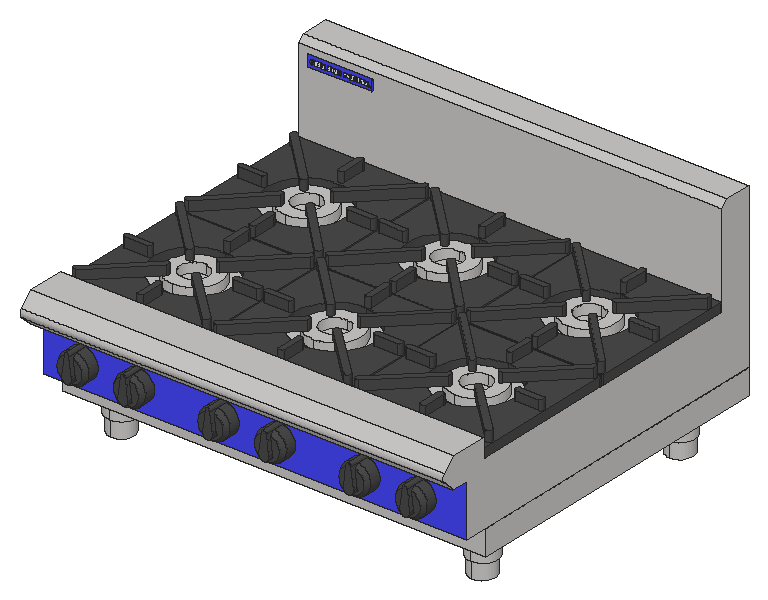
Revit family "QF_MOFFAT_BLUESEAL_CE_G516D-B", category Specialty Equipment, Revit 2012
Parameters
  Width = 900 mm  # constant formula
  Weight in Pounds = 283  # constant formula
  URL Cutsheet = "www.moffat.com"
  URL = "www.moffat.com"
  Type Mark [instance] = ""
  Status [instance] = ""
  Specification by User [instance] = ""
  Specification by Manufacturer = ""
  Show Logo [instance] = yes
  Serial Number = ""
  Seismic Rating = ""
  SMACNA No = ""
  Revision Code [instance] = ""
  Omniclass Number and Title = ""
  NAFEM Spec ID Number = ""
  Model = "G516D-B"
  Mechanical Remarks [instance] = ""
  Mechanical Connection Type [instance] = ""
  Masterspec = ""
  Manufacturer = "MOFFAT BLUESEAL"
  Item Number [instance] = ""
  Installed By [instance] = ""
  Identify Quantity as Lot [instance] = yes
  Height = 485 mm  # constant formula
  Gas Size = 3/4"
  Gas RI Height [instance] = 0 mm
  Gas KW [instance] = 46.6
  Gas Input [instance] = 159233.0 Btu/h
  Gas Connection Height = 0 mm
  Furnished By [instance] = ""
  Foodservice Equipment Identifier [instance] = yes
  Description = "900MM GAS COOK TOP BENCH MOUNT"
  Depth = 812 mm  # constant formula
  CSI MasterFormat = ""
  CSI Master Format = ""
Reference planes
  plane 1 "BACK": y = 0
  plane 2: z = 0
  plane 3 "LEFT": x = 0
  plane 4 "RIGHT": x = 900
  plane 5 "FRONT": y = -812
  plane 6 "TOP": z = 370
  plane 7 "Center Y": x = 450
  plane 8 "Center X": y = -406
  plane 9: z = 485
  plane 10: z = 315
Forms (mm)
  Revolve 1, solid, material "QF_Finishes_Stainless Steel"
    sketch origin (65.5, -728, 0) x (0, 1, 0) y (0, 0, 1)
      loop
        line (71.25, 85) -> (71.25, 35) -> (75.5, 35) -> (75.5, 0) -> (103, 0) -> (103, 85) -> (71.25, 85)
      axis (103, 85) -> (103, 0)
    angle from 0 to 360
  Revolve 2, solid, material "QF_Finishes_Stainless Steel"
    sketch origin (65.5, -210, 0) x (0, 1, 0) y (0, 0, 1)
      loop
        line (78.25, 85) -> (78.25, 35) -> (82.5, 35) -> (82.5, 0) -> (110, 0) -> (110, 85) -> (78.25, 85)
      axis (110, 85) -> (110, 0)
    angle from 0 to 360
  Extrusion 3, solid, material "QF_Finishes_Stainless Steel"
    sketch origin (405, 3, -500) x (1, 0, 0) y (0, 1, 0)
      loop
        circle (365, -35) r 13.5
    from 555 to 585
  Revolve 4, solid, material "QF_Finishes_Black"
    sketch origin (89.999, 7, -0.127) x (0, 1, 0) y (0, 0, -1)
      loop
        line (-789, -229.5) -> (-766, -229.5) -> (-766, -202) -> (-756, -202) -> (-756, -197) -> (-800, -197) -> (-800, -223.651) -> (-789, -229.5)
      axis (-800, -197) -> (-756, -197)
    angle from 0 to 360
  Extrusion 5, solid, material "QF_Finishes_Black"
    sketch origin (228.269, 7, 0.031) x (-1, 0, 0) y (0, 0, -1)
      loop
        line (127.85, -186.163) -> (133.27, -229.082)
        arc (133.27, -229.082) -> (138.269, -233.969) -> (143.267, -229.082) r 5
        line (143.267, -229.082) -> (148.756, -184.996)
        arc (148.756, -184.996) -> (137.684, -174.498) -> (127.85, -186.163) r 10.487
    from 759 to 808
  Extrusion 6, solid, material "QF_Finishes_Stainless Steel"
    sketch origin (0, 0, 0) x (0, 1, 0) y (0, 0, 1)
      loop
        line (-784.97, 250) -> (-749, 250) -> (-749, 140) -> (0, 140) -> (0, 485) -> (-57.5, 485) -> (-70, 472.5) -> (-70, 275) -> (-705, 275) -> (-705, 315) -> (-783.97, 315) -> (-808.498, 290.472)
        arc (-808.498, 290.472) -> (-812.007, 282) -> (-808.498, 273.528) r 11.982
        line (-808.498, 273.528) -> (-784.97, 250)
      loop
        line (0, 85) -> (0, 139.206) -> (-699, 139.206) -> (-699, 85) -> (0, 85)
    from 0 to 900
  Revolve 7, solid, material "QF_Finishes_Black"
    sketch origin (390, 7, -0.127) x (0, 1, 0) y (0, 0, -1)
      loop
        line (-789, -229.5) -> (-766, -229.5) -> (-766, -202) -> (-756, -202) -> (-756, -197) -> (-800, -197) -> (-800, -223.651) -> (-789, -229.5)
      axis (-800, -197) -> (-756, -197)
    angle from 0 to 360
  Revolve 8, solid, material "QF_Finishes_Stainless Steel"
    sketch origin (834.5, -728, 0) x (0, 1, 0) y (0, 0, -1)
      loop
        line (71.25, -85) -> (103, -85) -> (103, 0) -> (75.5, 0) -> (75.5, -35) -> (71.25, -35) -> (71.25, -85)
      axis (103, -85) -> (103, 0)
    angle from 0 to 360
  Revolve 9, solid, material "QF_Finishes_Stainless Steel"
    sketch origin (834.5, -210, 0) x (0, 1, 0) y (0, 0, -1)
      loop
        line (78.25, -85) -> (110, -85) -> (110, 0) -> (82.5, 0) -> (82.5, -35) -> (78.25, -35) -> (78.25, -85)
      axis (110, -85) -> (110, 0)
    angle from 0 to 360
  Extrusion 10, solid, material "QF_Finishes_Black"
    sketch origin (528.269, 7, 0.031) x (-1, 0, 0) y (0, 0, -1)
      loop
        line (127.85, -186.163) -> (133.27, -229.082)
        arc (133.27, -229.082) -> (138.269, -233.969) -> (143.267, -229.082) r 5
        line (143.267, -229.082) -> (148.756, -184.996)
        arc (148.756, -184.996) -> (137.684, -174.498) -> (127.85, -186.163) r 10.487
    from 759 to 808
  Revolve 11, solid, material "QF_Finishes_Black"
    sketch origin (690, 7, 0) x (0, 1, 0) y (0, 0, -1)
      loop
        line (-789, -229.5) -> (-766, -229.5) -> (-766, -202) -> (-756, -202) -> (-756, -197) -> (-800, -197) -> (-800, -223.651) -> (-789, -229.5)
      axis (-800, -197) -> (-756, -197)
    angle from 0 to 360
  Extrusion 12, solid, material "QF_Finishes_Black"
    sketch origin (828.27, 7, 0.158) x (-1, 0, 0) y (0, 0, -1)
      loop
        line (127.85, -186.163) -> (133.27, -229.082)
        arc (133.27, -229.082) -> (138.269, -233.969) -> (143.267, -229.082) r 5
        line (143.267, -229.082) -> (148.756, -184.996)
        arc (148.756, -184.996) -> (137.684, -174.498) -> (127.85, -186.163) r 10.487
    from 759 to 808
  Revolve 13, solid, material "QF_Finishes_Black"
    sketch origin (210, 7, 0) x (0, 1, 0) y (0, 0, -1)
      loop
        line (-789, -229.5) -> (-766, -229.5) -> (-766, -202) -> (-756, -202) -> (-756, -197) -> (-800, -197) -> (-800, -223.651) -> (-789, -229.5)
      axis (-800, -197) -> (-756, -197)
    angle from 0 to 360
  Extrusion 14, solid, material "QF_Finishes_Black"
    sketch origin (348.27, 7, 0.158) x (-1, 0, 0) y (0, 0, -1)
      loop
        line (127.85, -186.163) -> (133.27, -229.082)
        arc (133.27, -229.082) -> (138.269, -233.969) -> (143.267, -229.082) r 5
        line (143.267, -229.082) -> (148.756, -184.996)
        arc (148.756, -184.996) -> (137.684, -174.498) -> (127.85, -186.163) r 10.487
    from 759 to 808
  Revolve 15, solid, material "QF_Finishes_Black"
    sketch origin (510.001, 7, 0) x (0, 1, 0) y (0, 0, -1)
      loop
        line (-789, -229.5) -> (-766, -229.5) -> (-766, -202) -> (-756, -202) -> (-756, -197) -> (-800, -197) -> (-800, -223.651) -> (-789, -229.5)
      axis (-800, -197) -> (-756, -197)
    angle from 0 to 360
  Extrusion 16, solid, material "QF_Finishes_Black"
    sketch origin (648.27, 7, 0.158) x (-1, 0, 0) y (0, 0, -1)
      loop
        line (127.85, -186.163) -> (133.27, -229.082)
        arc (133.27, -229.082) -> (138.269, -233.969) -> (143.267, -229.082) r 5
        line (143.267, -229.082) -> (148.756, -184.996)
        arc (148.756, -184.996) -> (137.684, -174.498) -> (127.85, -186.163) r 10.487
    from 759 to 808
  Revolve 17, solid, material "QF_Finishes_Black"
    sketch origin (810.001, 7, 0.127) x (0, 1, 0) y (0, 0, -1)
      loop
        line (-789, -229.5) -> (-766, -229.5) -> (-766, -202) -> (-756, -202) -> (-756, -197) -> (-800, -197) -> (-800, -223.651) -> (-789, -229.5)
      axis (-800, -197) -> (-756, -197)
    angle from 0 to 360
  Extrusion 18, solid, material "QF_Finishes_Black"
    sketch origin (948.27, 7, 0.284) x (-1, 0, 0) y (0, 0, -1)
      loop
        line (127.85, -186.163) -> (133.27, -229.082)
        arc (133.27, -229.082) -> (138.269, -233.969) -> (143.267, -229.082) r 5
        line (143.267, -229.082) -> (148.756, -184.996)
        arc (148.756, -184.996) -> (137.684, -174.498) -> (127.85, -186.163) r 10.487
    from 759 to 808
Lines and regions (mm)
  Split face 1
    outline origin (0, 0, 485) x (0, -1, 0) y (1, 0, 0)
      loop
        arc (18.185, 32.794) -> (23.185, 24.134) -> (33.185, 24.134) r 10
        line (33.185, 24.134) -> (40.185, 28.176)
        arc (40.185, 28.176) -> (43.845, 31.836) -> (45.185, 36.836) r 10
        line (45.185, 36.836) -> (45.185, 264.794)
        arc (45.185, 264.794) -> (40.185, 273.455) -> (30.185, 273.455) r 10
        line (30.185, 273.455) -> (23.185, 269.413)
        arc (23.185, 269.413) -> (19.525, 265.753) -> (18.185, 260.753) r 10
        line (18.185, 260.753) -> (18.185, 32.794)
  Split face 2
    outline origin (0, 0, 485) x (0, -1, 0) y (1, 0, 0)
      loop
        arc (18.185, 332.794) -> (23.185, 324.134) -> (33.185, 324.134) r 10
        line (33.185, 324.134) -> (40.185, 328.176)
        arc (40.185, 328.176) -> (43.845, 331.836) -> (45.185, 336.836) r 10
        line (45.185, 336.836) -> (45.185, 564.794)
        arc (45.185, 564.794) -> (40.185, 573.455) -> (30.185, 573.455) r 10
        line (30.185, 573.455) -> (23.185, 569.413)
        arc (23.185, 569.413) -> (19.525, 565.753) -> (18.185, 560.753) r 10
        line (18.185, 560.753) -> (18.185, 332.794)
  Split face 3
    outline origin (0, 0, 485) x (0, -1, 0) y (1, 0, 0)
      loop
        arc (45.185, 864.794) -> (40.185, 873.455) -> (30.185, 873.455) r 10
        line (30.185, 873.455) -> (23.185, 869.413)
        arc (23.185, 869.413) -> (19.525, 865.753) -> (18.185, 860.753) r 10
        line (18.185, 860.753) -> (18.185, 632.794)
        arc (18.185, 632.794) -> (23.185, 624.134) -> (33.185, 624.134) r 10
        line (33.185, 624.134) -> (40.185, 628.176)
        arc (40.185, 628.176) -> (43.845, 631.836) -> (45.185, 636.836) r 10
        line (45.185, 636.836) -> (45.185, 864.794)
  symbolic lines
    curve 1: line (0, 0, 0) -> (0, -812, 0)
    curve 2: line (900, 0, 0) -> (0, 0, 0)
    curve 3: line (900, -812, 0) -> (900, 0, 0)
    curve 4: line (0, -70, 0) -> (900, -70, 0)
    curve 5: line (0, -812, 0) -> (900, -812, 0)
    curve 6: line (900, -705, 0) -> (0, -705, 0)
    curve 7: line (0, -783.97, 0) -> (900, -783.97, 0)
    curve 8: line (36.836, -45.185, 0) -> (264.794, -45.185, 0)
    curve 9: arc (264.794, -45.185, 0) -> (273.455, -40.185, 0) -> (273.455, -30.185, 0) r 10
    curve 10: line (273.455, -30.185, 0) -> (269.413, -23.185, 0)
    curve 11: arc (269.413, -23.185, 0) -> (265.753, -19.525, 0) -> (260.753, -18.185, 0) r 10
    curve 12: line (260.753, -18.185, 0) -> (32.794, -18.185, 0)
    curve 13: arc (32.794, -18.185, 0) -> (24.134, -23.185, 0) -> (24.134, -33.185, 0) r 10
    curve 14: line (24.134, -33.185, 0) -> (28.176, -40.185, 0)
    curve 15: arc (28.176, -40.185, 0) -> (31.836, -43.845, 0) -> (36.836, -45.185, 0) r 10
    curve 16: line (336.836, -45.185, 0) -> (564.794, -45.185, 0)
    curve 17: arc (564.794, -45.185, 0) -> (573.455, -40.185, 0) -> (573.455, -30.185, 0) r 10
    curve 18: line (573.455, -30.185, 0) -> (569.413, -23.185, 0)
    curve 19: arc (569.413, -23.185, 0) -> (565.753, -19.525, 0) -> (560.753, -18.185, 0) r 10
    curve 20: line (560.753, -18.185, 0) -> (332.794, -18.185, 0)
    curve 21: arc (332.794, -18.185, 0) -> (324.134, -23.185, 0) -> (324.134, -33.185, 0) r 10
    curve 22: line (324.134, -33.185, 0) -> (328.176, -40.185, 0)
    curve 23: arc (328.176, -40.185, 0) -> (331.836, -43.845, 0) -> (336.836, -45.185, 0) r 10
    curve 24: line (864.794, -45.185, 0) -> (636.836, -45.185, 0)
    curve 25: arc (636.836, -45.185, 0) -> (631.836, -43.845, 0) -> (628.176, -40.185, 0) r 10
    curve 26: line (628.176, -40.185, 0) -> (624.134, -33.185, 0)
    curve 27: arc (624.134, -33.185, 0) -> (624.134, -23.185, 0) -> (632.794, -18.185, 0) r 10
    curve 28: line (632.794, -18.185, 0) -> (860.753, -18.185, 0)
    curve 29: arc (860.753, -18.185, 0) -> (865.753, -19.525, 0) -> (869.413, -23.185, 0) r 10
    curve 30: line (869.413, -23.185, 0) -> (873.455, -30.185, 0)
    curve 31: arc (873.455, -30.185, 0) -> (873.455, -40.185, 0) -> (864.794, -45.185, 0) r 10
    curve 32: line (0, -57.5, 0) -> (900, -57.5, 0)
Dimensions and locks
  equal spacing: plane 3 "LEFT", plane 7 "Center Y", plane 4 "RIGHT"
  "Width": plane 3 "LEFT" to plane 4 "RIGHT"
  equal spacing: plane 5 "FRONT", plane 8 "Center X", plane 1 "BACK"
  "Depth": plane 5 "FRONT" to plane 1 "BACK"
  equal spacing: plane 4 "RIGHT", plane 7 "Center Y", plane 3 "LEFT"
  plane 4 "RIGHT" to plane 3 "LEFT" = 900 mm
  Extrusion 3 to level = 55 mm
  Extrusion 3 to plane 1 "BACK" = 32 mm
  plane 5 "FRONT" to plane 1 "BACK" = 812 mm
  "Height": plane 9 to level
  plane 10 to level = 315 mm
  Extrusion 3 sketch curve to plane 4 "RIGHT" = 130 mm
  Extrusion 3 sketch curve to plane 1 "BACK" = 32 mm
  aligned and locked: level to plane 2
  aligned and locked: curve 3 to plane 4 "RIGHT"
Automatic sketch dimensions
  plane 1 "BACK" to curve 1 = 0 mm
  curve 1 to plane 3 "LEFT" = 0 mm
  plane 5 "FRONT" to curve 1 = 0 mm
  plane 3 "LEFT" to curve 14 = 24.134 mm
  curve 13 to curve 14 = 4.041 mm
  curve 13 to curve 13 = 8.66 mm
  curve 15 to curve 8 = 8.66 mm
  plane 1 "BACK" to curve 12 = 18.185 mm
  curve 12 to plane 7 "Center Y" = 189.247 mm
  curve 11 to curve 9 = 4.041 mm
  plane 1 "BACK" to curve 10 = 23.185 mm
  curve 11 to curve 10 = 8.66 mm
  plane 1 "BACK" to curve 10 = 30.185 mm
  curve 10 to curve 10 = 4.041 mm
  plane 1 "BACK" to curve 22 = 33.185 mm
  curve 10 to curve 22 = 50.679 mm
  curve 21 to curve 23 = 4.041 mm  (x2)
  curve 21 to curve 21 = 8.66 mm
  plane 1 "BACK" to curve 20 = 18.185 mm
  plane 7 "Center Y" to curve 20 = 110.753 mm
  curve 19 to curve 17 = 4.041 mm  (x2)
  curve 19 to curve 19 = 8.66 mm
  plane 1 "BACK" to curve 26 = 33.185 mm
  curve 18 to curve 26 = 50.679 mm
  plane 1 "BACK" to curve 26 = 40.185 mm
  curve 27 to curve 26 = 4.041 mm
  curve 27 to curve 27 = 8.66 mm
  curve 27 to curve 25 = 4.041 mm
  plane 4 "RIGHT" to curve 29 = 39.247 mm
  curve 29 to curve 31 = 4.041 mm
  curve 28 to curve 30 = 8.66 mm
  curve 29 to curve 30 = 4.041 mm
  curve 7 to plane 5 "FRONT" = 28.03 mm
  curve 7 to curve 6 = 78.97 mm
  plane 1 "BACK" to curve 4 = 70 mm
  curve 4 to curve 32 = 12.5 mm
  curve 32 to curve 31 = 12.315 mm
  curve 8 to curve 12 = 27 mm
  curve 16 to curve 21 = 17 mm
  curve 22 to curve 21 = 7 mm
  curve 8 to curve 15 = 5 mm
  curve 16 to curve 17 = 10 mm
  curve 24 to curve 31 = 10 mm
  curve 14 to curve 13 = 7 mm
  curve 25 to curve 27 = 7 mm
  curve 31 to curve 29 = 7 mm
  curve 17 to curve 19 = 7 mm
  Revolve 1 sketch curve to level = 0 mm
  level to Revolve 1 sketch curve = 35 mm
  Revolve 1 sketch curve to plane 5 "FRONT" = 155.25 mm
  Revolve 1 sketch curve to Revolve 1 sketch curve = 4.25 mm
  Revolve 1 sketch curve to Revolve 1 sketch curve = 27.5 mm  (x2)
  Revolve 1 sketch curve to Revolve 1 sketch curve = 55 mm
  Revolve 1 sketch curve to Revolve 1 sketch curve = 15 mm
  Revolve 1 sketch curve to Revolve 1 sketch curve = 35 mm
  Revolve 2 sketch curve to level = 0 mm
  level to Revolve 2 sketch curve = 35 mm
  plane 1 "BACK" to Revolve 2 sketch curve = 131.75 mm
  Revolve 2 sketch curve to Revolve 2 sketch curve = 4.25 mm
  Revolve 2 sketch curve to Revolve 2 sketch curve = 27.5 mm  (x2)
  Revolve 2 sketch curve to Revolve 2 sketch curve = 55 mm
  Revolve 2 sketch curve to Revolve 2 sketch curve = 15 mm
  Revolve 2 sketch curve to Revolve 2 sketch curve = 35 mm
  Revolve 4 sketch curve to plane 5 "FRONT" = 19 mm
  Revolve 4 sketch curve to Revolve 4 sketch curve = 0 mm  (x2)
  Revolve 4 sketch curve to Revolve 4 sketch curve = 11 mm
  Revolve 4 sketch curve to Revolve 4 sketch curve = 12.7 mm
  Revolve 4 sketch curve to Revolve 4 sketch curve = 23 mm
  Revolve 4 sketch curve to Revolve 4 sketch curve = 10 mm
  Revolve 4 sketch curve to plane 10 = 85.627 mm
  Revolve 4 sketch curve to Revolve 4 sketch curve = 5.849 mm
  Revolve 4 sketch curve to Revolve 4 sketch curve = 27.5 mm
  Revolve 4 sketch curve to Revolve 4 sketch curve = 5 mm
  plane 3 "LEFT" to Extrusion 5 sketch curve = 100.419 mm
  Extrusion 5 sketch curve to Extrusion 5 sketch curve = 5.421 mm
  Extrusion 5 sketch curve to Extrusion 5 sketch curve = 10.419 mm
  Extrusion 5 sketch curve to Extrusion 5 sketch curve = 4.999 mm  (x2)
  Extrusion 5 sketch curve to Extrusion 5 sketch curve = 10.487 mm
  Extrusion 5 sketch curve to plane 10 = 85.887 mm
  Extrusion 5 sketch curve to Extrusion 5 sketch curve = 0.113 mm
  Extrusion 5 sketch curve to Extrusion 5 sketch curve = 42.919 mm
  Extrusion 5 sketch curve to Extrusion 5 sketch curve = 1.167 mm
  Extrusion 6 sketch curve to plane 10 = 0 mm
  plane 9 to Extrusion 6 sketch curve = 0 mm
  Extrusion 6 sketch curve to plane 1 "BACK" = 0 mm  (x2)
  plane 1 "BACK" to Extrusion 6 sketch curve = 57.5 mm
  plane 9 to Extrusion 6 sketch curve = 12.5 mm
  Extrusion 6 sketch curve to Extrusion 6 sketch curve = 12.5 mm
  Extrusion 6 sketch curve to plane 5 "FRONT" = 113 mm
  Extrusion 6 sketch curve to plane 5 "FRONT" = 107 mm
  Extrusion 6 sketch curve to Extrusion 6 sketch curve = 50 mm
  Extrusion 6 sketch curve to plane 5 "FRONT" = 28.03 mm
  Extrusion 6 sketch curve to plane 5 "FRONT" = 27.03 mm
  Extrusion 6 sketch curve to plane 5 "FRONT" = 11.975 mm
  Extrusion 6 sketch curve to plane 5 "FRONT" = 3.502 mm  (x2)
  Extrusion 6 sketch curve to plane 10 = 24.528 mm
  Extrusion 6 sketch curve to Extrusion 6 sketch curve = 8.472 mm
  Extrusion 6 sketch curve to Extrusion 6 sketch curve = 40 mm
  Extrusion 6 sketch curve to Extrusion 6 sketch curve = 23.528 mm
  Extrusion 6 sketch curve to Extrusion 6 sketch curve = 110 mm
  Extrusion 6 sketch curve to Extrusion 6 sketch curve = 0.794 mm
  Extrusion 6 sketch curve to Extrusion 6 sketch curve = 54.206 mm
  Revolve 7 sketch curve to plane 5 "FRONT" = 19 mm
  Revolve 7 sketch curve to Revolve 7 sketch curve = 0 mm  (x2)
  Revolve 7 sketch curve to Revolve 7 sketch curve = 11 mm
  Revolve 7 sketch curve to Revolve 7 sketch curve = 12.7 mm
  Revolve 7 sketch curve to Revolve 7 sketch curve = 23 mm
  Revolve 7 sketch curve to Revolve 7 sketch curve = 10 mm
  Revolve 7 sketch curve to plane 10 = 85.627 mm
  Revolve 7 sketch curve to Revolve 7 sketch curve = 5.849 mm
  Revolve 7 sketch curve to Revolve 7 sketch curve = 27.5 mm
  Revolve 7 sketch curve to Revolve 7 sketch curve = 5 mm
  Revolve 8 sketch curve to level = 0 mm
  level to Revolve 8 sketch curve = 35 mm
  Revolve 8 sketch curve to plane 5 "FRONT" = 155.25 mm
  Revolve 8 sketch curve to Revolve 8 sketch curve = 4.25 mm
  Revolve 8 sketch curve to Revolve 8 sketch curve = 27.5 mm  (x2)
  Revolve 8 sketch curve to Revolve 8 sketch curve = 15 mm
  Revolve 8 sketch curve to Revolve 8 sketch curve = 35 mm
  Revolve 8 sketch curve to level = 55 mm
  Revolve 9 sketch curve to level = 0 mm
  level to Revolve 9 sketch curve = 35 mm
  plane 1 "BACK" to Revolve 9 sketch curve = 131.75 mm
  Revolve 9 sketch curve to Revolve 9 sketch curve = 4.25 mm
  Revolve 9 sketch curve to Revolve 9 sketch curve = 27.5 mm  (x2)
  Revolve 9 sketch curve to Revolve 9 sketch curve = 15 mm
  Revolve 9 sketch curve to Revolve 9 sketch curve = 35 mm
  Revolve 9 sketch curve to level = 55 mm
  Extrusion 10 sketch curve to plane 7 "Center Y" = 49.58 mm
  Extrusion 10 sketch curve to Extrusion 10 sketch curve = 5.421 mm
  Extrusion 10 sketch curve to Extrusion 10 sketch curve = 10.419 mm
  Extrusion 10 sketch curve to Extrusion 10 sketch curve = 4.999 mm  (x2)
  Extrusion 10 sketch curve to Extrusion 10 sketch curve = 10.487 mm
  Extrusion 10 sketch curve to plane 10 = 85.887 mm
  Extrusion 10 sketch curve to Extrusion 10 sketch curve = 0.113 mm
  Extrusion 10 sketch curve to Extrusion 10 sketch curve = 42.919 mm
  Extrusion 10 sketch curve to Extrusion 10 sketch curve = 1.167 mm
  Revolve 11 sketch curve to plane 5 "FRONT" = 19 mm
  Revolve 11 sketch curve to Revolve 11 sketch curve = 0 mm  (x2)
  Revolve 11 sketch curve to Revolve 11 sketch curve = 11 mm
  Revolve 11 sketch curve to Revolve 11 sketch curve = 12.7 mm
  Revolve 11 sketch curve to Revolve 11 sketch curve = 23 mm
  Revolve 11 sketch curve to Revolve 11 sketch curve = 10 mm
  Revolve 11 sketch curve to plane 10 = 85.5 mm
  Revolve 11 sketch curve to Revolve 11 sketch curve = 5.849 mm
  Revolve 11 sketch curve to Revolve 11 sketch curve = 27.5 mm
  Revolve 11 sketch curve to Revolve 11 sketch curve = 5 mm
  plane 4 "RIGHT" to Extrusion 12 sketch curve = 199.58 mm
  Extrusion 12 sketch curve to Extrusion 12 sketch curve = 5.421 mm
  Extrusion 12 sketch curve to Extrusion 12 sketch curve = 10.419 mm
  Extrusion 12 sketch curve to Extrusion 12 sketch curve = 4.999 mm  (x2)
  Extrusion 12 sketch curve to plane 10 = 85.76 mm
  Extrusion 12 sketch curve to Extrusion 12 sketch curve = 10.487 mm
  Extrusion 12 sketch curve to Extrusion 12 sketch curve = 0.113 mm
  Extrusion 12 sketch curve to Extrusion 12 sketch curve = 42.919 mm
  Extrusion 12 sketch curve to Extrusion 12 sketch curve = 1.167 mm
  Split face 1 sketch curve to Extrusion 6 = 18.185 mm
  Split face 1 sketch curve to Split face 1 sketch curve = 5 mm  (x3)
  Split face 1 sketch curve to Split face 1 sketch curve = 10 mm  (x2)
  Split face 1 sketch curve to Split face 1 sketch curve = 7 mm  (x4)
  Split face 1 sketch curve to Extrusion 6 = 24.134 mm
  Split face 1 sketch curve to Split face 1 sketch curve = 4.041 mm  (x2)
  Split face 1 sketch curve to Split face 1 sketch curve = 223.917 mm
  Split face 2 sketch curve to Extrusion 6 = 18.185 mm
  Split face 2 sketch curve to Split face 2 sketch curve = 5 mm  (x4)
  Split face 2 sketch curve to Split face 2 sketch curve = 10 mm
  Split face 2 sketch curve to Split face 2 sketch curve = 7 mm  (x4)
  Split face 2 sketch curve to Extrusion 6 = 324.134 mm
  Split face 2 sketch curve to Split face 2 sketch curve = 4.041 mm  (x2)
  Split face 2 sketch curve to Split face 2 sketch curve = 223.917 mm
  Split face 3 sketch curve to Extrusion 6 = 18.185 mm
  Split face 3 sketch curve to Split face 3 sketch curve = 5 mm  (x3)
  Split face 3 sketch curve to Split face 3 sketch curve = 10 mm  (x2)
  Split face 3 sketch curve to Split face 3 sketch curve = 7 mm  (x4)
  Split face 3 sketch curve to Extrusion 6 = 275.866 mm
  Split face 3 sketch curve to Split face 3 sketch curve = 4.041 mm  (x2)
  Split face 3 sketch curve to Extrusion 6 = 39.247 mm
  Revolve 13 sketch curve to plane 5 "FRONT" = 19 mm
  Revolve 13 sketch curve to Revolve 13 sketch curve = 0 mm  (x2)
  Revolve 13 sketch curve to Revolve 13 sketch curve = 11 mm
  Revolve 13 sketch curve to Revolve 13 sketch curve = 12.7 mm
  Revolve 13 sketch curve to Revolve 13 sketch curve = 23 mm
  Revolve 13 sketch curve to Revolve 13 sketch curve = 10 mm
  Revolve 13 sketch curve to plane 10 = 85.5 mm
  Revolve 13 sketch curve to Revolve 13 sketch curve = 5.849 mm
  Revolve 13 sketch curve to Revolve 13 sketch curve = 27.5 mm
  Revolve 13 sketch curve to Revolve 13 sketch curve = 5 mm
  plane 3 "LEFT" to Extrusion 14 sketch curve = 220.42 mm
  Extrusion 14 sketch curve to Extrusion 14 sketch curve = 5.421 mm
  Extrusion 14 sketch curve to Extrusion 14 sketch curve = 10.419 mm
  Extrusion 14 sketch curve to Extrusion 14 sketch curve = 4.999 mm  (x2)
  Extrusion 14 sketch curve to plane 10 = 85.76 mm
  Extrusion 14 sketch curve to Extrusion 14 sketch curve = 10.487 mm
  Extrusion 14 sketch curve to Extrusion 14 sketch curve = 0.113 mm
  Extrusion 14 sketch curve to Extrusion 14 sketch curve = 42.919 mm
  Extrusion 14 sketch curve to Extrusion 14 sketch curve = 1.167 mm
  Revolve 15 sketch curve to plane 5 "FRONT" = 19 mm
  Revolve 15 sketch curve to Revolve 15 sketch curve = 0 mm  (x2)
  Revolve 15 sketch curve to Revolve 15 sketch curve = 11 mm
  Revolve 15 sketch curve to Revolve 15 sketch curve = 12.7 mm
  Revolve 15 sketch curve to Revolve 15 sketch curve = 23 mm
  Revolve 15 sketch curve to Revolve 15 sketch curve = 10 mm
  Revolve 15 sketch curve to plane 10 = 85.5 mm
  Revolve 15 sketch curve to Revolve 15 sketch curve = 5.849 mm
  Revolve 15 sketch curve to Revolve 15 sketch curve = 27.5 mm
  Revolve 15 sketch curve to Revolve 15 sketch curve = 5 mm
  plane 7 "Center Y" to Extrusion 16 sketch curve = 70.421 mm
  Extrusion 16 sketch curve to Extrusion 16 sketch curve = 5.421 mm
  Extrusion 16 sketch curve to Extrusion 16 sketch curve = 10.419 mm
  Extrusion 16 sketch curve to Extrusion 16 sketch curve = 4.999 mm  (x2)
  Extrusion 16 sketch curve to Extrusion 16 sketch curve = 10.487 mm
  Extrusion 16 sketch curve to plane 10 = 85.76 mm
  Extrusion 16 sketch curve to Extrusion 16 sketch curve = 0.113 mm
  Extrusion 16 sketch curve to Extrusion 16 sketch curve = 42.919 mm
  Extrusion 16 sketch curve to Extrusion 16 sketch curve = 1.167 mm
  Revolve 17 sketch curve to plane 5 "FRONT" = 19 mm
  Revolve 17 sketch curve to Revolve 17 sketch curve = 0 mm  (x2)
  Revolve 17 sketch curve to Revolve 17 sketch curve = 11 mm
  Revolve 17 sketch curve to Revolve 17 sketch curve = 12.7 mm
  Revolve 17 sketch curve to Revolve 17 sketch curve = 23 mm
  Revolve 17 sketch curve to Revolve 17 sketch curve = 10 mm
  Revolve 17 sketch curve to plane 10 = 85.373 mm
  Revolve 17 sketch curve to Revolve 17 sketch curve = 5.849 mm
  Revolve 17 sketch curve to Revolve 17 sketch curve = 27.5 mm
  Revolve 17 sketch curve to Revolve 17 sketch curve = 5 mm
  plane 4 "RIGHT" to Extrusion 18 sketch curve = 79.579 mm
  Extrusion 18 sketch curve to Extrusion 18 sketch curve = 5.421 mm
  Extrusion 18 sketch curve to Extrusion 18 sketch curve = 10.419 mm
  Extrusion 18 sketch curve to Extrusion 18 sketch curve = 4.999 mm  (x2)
  Extrusion 18 sketch curve to plane 10 = 85.634 mm
  Extrusion 18 sketch curve to Extrusion 18 sketch curve = 10.487 mm
  Extrusion 18 sketch curve to Extrusion 18 sketch curve = 0.113 mm
  Extrusion 18 sketch curve to Extrusion 18 sketch curve = 42.919 mm
  Extrusion 18 sketch curve to Extrusion 18 sketch curve = 1.167 mm
  radius of Extrusion 3 sketch curve = 13.5 mm
Nested families
  nested 1: "WALDORF LOGO_FACE BASE" at (18.6, -70, 458.604) x (1, 0, 0) z (0, -1, 0), visible <- "Show Logo", type "WALDORF LOGO_FACE BASE", detail levels medium+fine
    with Show Logo yes
  nested 2: "GAS BURNER 900" at (0, -70, 275), type "GAS BURNER 900"
    with Width 900 mm, Type Mark "", Status "", Specification by User "", Revision Code "", Item Number "", Installed By "", Identify Quantity as Lot yes, Furnished By "", Foodservice Equipment Identifier yes, Depth 635 mm
Connectors
  piping at (770, -32, 55)
    settings: on Extrusion 3, index 1, connector radius 0.37402", flow factor 0, pipe flow 0 GPM, pressure drop 0.00 psi, fitting loss kfactor 0, connector angle 0.00°, fixture units 0, engagement length 0 mm, flow configuration 1, flow direction 1, fitting loss method 0, system type 7, joint type 0, gender type 0, connector reference index -1, connector utility 0, adjustable connector no, is connector primary yes, fitting loss table "", connector description "GAS CONNECTION"
Definition of nested family "WALDORF LOGO_FACE BASE"
  Parameters (values of type "WALDORF LOGO_FACE BASE")
    Show Logo [instance] = yes
    Default Elevation = 1219.2 mm
  Reference planes
    plane 1 "Center (Front/Back)": y = 0
    plane 2: z = 0
    plane 3 "Center (Left/Right)": x = 0
  Forms (mm)
    Extrusion 1, solid
      sketch origin (0, 0, 0) x (1, 0, 0) y (0, 1, 0)
        loop
          line (-1219.2, 1219.2) -> (-1219.2, -1219.2) -> (1219.2, -1219.2) -> (1219.2, 1219.2) -> (-1219.2, 1219.2)
      from 0 to -304.8
    Extrusion 2, solid, material "QF_Finishes_Blue", visible <- "Show Logo"
      sketch origin (0, -33.217, 0) x (1, 0, 0) y (0, 1, 0)
        loop
          arc (138, 31.942) -> (137.626, 32.844) -> (136.724, 33.217) r 1.276
          line (136.724, 33.217) -> (1.29, 33.217)
          arc (1.29, 33.217) -> (0.378, 32.839) -> (0, 31.927) r 1.29
          line (0, 31.927) -> (0, 11.507)
          arc (0, 11.507) -> (0.378, 10.595) -> (1.29, 10.217) r 1.29
          line (1.29, 10.217) -> (136.71, 10.217)
          arc (136.71, 10.217) -> (137.622, 10.595) -> (138, 11.507) r 1.29
          line (138, 11.507) -> (138, 31.942)
      from 0 to 1.588
    Extrusion 3, solid, material "QF_Finishes_White", visible <- "Show Logo"
      sketch origin (0, -33.217, 1.588) x (1, 0, 0) y (0, 1, 0)
        loop
          arc (108.946, 25.919) -> (107.613, 25.367) -> (107.061, 24.034) r 1.885
          line (107.061, 24.034) -> (107.061, 17.211) -> (112.704, 17.211) -> (112.704, 19.129) -> (115.546, 19.129) -> (115.546, 17.211) -> (121.584, 17.211) -> (121.584, 24.075)
          arc (121.584, 24.075) -> (121.043, 25.379) -> (119.739, 25.919) r 1.845
          line (119.739, 25.919) -> (108.946, 25.919)
        loop
          line (123.478, 25.919) -> (123.478, 17.163) -> (134.904, 17.163) -> (134.904, 19.129) -> (129.246, 19.129) -> (129.246, 25.919) -> (123.478, 25.919)
        loop
          line (112.704, 21.258) -> (115.546, 21.258) -> (115.546, 22.702)
          arc (115.546, 22.702) -> (115.344, 23.188) -> (114.858, 23.389) r 0.687
          line (114.858, 23.389) -> (113.363, 23.389)
          arc (113.363, 23.389) -> (112.897, 23.196) -> (112.704, 22.73) r 0.658
          line (112.704, 22.73) -> (112.704, 21.258)
        loop
          line (105.071, 25.919) -> (93.771, 25.919) -> (93.771, 17.163) -> (105.071, 17.163) -> (105.071, 19.063) -> (99.535, 19.063) -> (99.535, 20.437) -> (105.071, 20.437) -> (105.071, 22.278) -> (99.535, 22.278) -> (99.535, 23.587) -> (105.071, 23.587) -> (105.071, 25.919)
        loop
          line (91.104, 25.919) -> (79.541, 25.919)
          arc (79.541, 25.919) -> (78.558, 25.513) -> (78.152, 24.53) r 1.389
          line (78.152, 24.53) -> (78.152, 22.08)
          arc (78.152, 22.08) -> (78.558, 21.098) -> (79.541, 20.691) r 1.389
          line (79.541, 20.691) -> (86.346, 20.691) -> (86.346, 18.864) -> (83.266, 18.864) -> (83.266, 19.664) -> (78.152, 19.664) -> (78.152, 18.553)
          arc (78.152, 18.553) -> (78.558, 17.57) -> (79.541, 17.163) r 1.389
          line (79.541, 17.163) -> (91.063, 17.163)
          arc (91.063, 17.163) -> (92.045, 17.57) -> (92.452, 18.553) r 1.389
          line (92.452, 18.553) -> (92.452, 20.691)
          arc (92.452, 20.691) -> (92.045, 21.673) -> (91.063, 22.08) r 1.389
          line (91.063, 22.08) -> (83.266, 22.08) -> (83.266, 23.984) -> (86.346, 23.984) -> (86.346, 22.743) -> (92.452, 22.743) -> (92.452, 24.571)
          arc (92.452, 24.571) -> (92.057, 25.524) -> (91.104, 25.919) r 1.348
        loop
          line (70.705, 25.919) -> (59.405, 25.919) -> (59.405, 17.163) -> (70.705, 17.163) -> (70.705, 19.063) -> (65.169, 19.063) -> (65.169, 20.437) -> (70.705, 20.437) -> (70.705, 22.278) -> (65.169, 22.278) -> (65.169, 23.587) -> (70.705, 23.587) -> (70.705, 25.919)
        loop
          line (57.598, 25.919) -> (51.7, 25.919) -> (51.7, 20.18)
          arc (51.7, 20.18) -> (50.63, 19.11) -> (49.56, 20.18) r 1.07
          line (49.56, 20.18) -> (49.56, 25.919) -> (43.663, 25.919) -> (43.663, 19.049)
          arc (43.663, 19.049) -> (44.215, 17.716) -> (45.548, 17.163) r 1.885
          line (45.548, 17.163) -> (55.71, 17.163)
          arc (55.71, 17.163) -> (57.045, 17.716) -> (57.598, 19.051) r 1.887
          line (57.598, 19.051) -> (57.598, 25.919)
        loop
          line (31.62, 25.919) -> (31.62, 17.163) -> (43.046, 17.163) -> (43.046, 19.129) -> (37.388, 19.129) -> (37.388, 25.919) -> (31.62, 25.919)
        loop
          line (15.969, 25.919) -> (15.969, 17.163) -> (28.693, 17.163)
          arc (28.693, 17.163) -> (29.812, 17.627) -> (30.276, 18.746) r 1.582
          line (30.276, 18.746) -> (30.276, 20.447) -> (29.48, 21.243) -> (30.276, 22.039) -> (30.276, 24.332)
          arc (30.276, 24.332) -> (29.811, 25.454) -> (28.688, 25.919) r 1.587
          line (28.688, 25.919) -> (15.969, 25.919)
        loop
          line (21.449, 24.159) -> (21.449, 22.436) -> (23.862, 22.436)
          arc (23.862, 22.436) -> (24.723, 23.298) -> (23.862, 24.159) r 0.861
          line (23.862, 24.159) -> (21.449, 24.159)
        loop
          line (21.449, 20.244) -> (21.449, 18.522) -> (23.862, 18.522)
          arc (23.862, 18.522) -> (24.723, 19.383) -> (23.862, 20.244) r 0.861
          line (23.862, 20.244) -> (21.449, 20.244)
      from 0 to 0.2
    Extrusion 4, solid, material "QF_Finishes_Blue", visible <- "Show Logo"
      sketch origin (-126.498, -31.09, 1.588) x (1, 0, 0) y (0, 1, 0)
        loop
          line (136.738, 23.522) -> (136.738, 15.1)
          arc (136.738, 15.1) -> (140.756, 19.311) -> (136.738, 23.522) r 4.216
      from 0 to 0.2
    Extrusion 5, solid, material "QF_Finishes_Red", visible <- "Show Logo"
      sketch origin (146.849, -31.09, 1.588) x (-1, 0, 0) y (0, -1, 0)
        loop
          arc (136.738, -23.522) -> (140.756, -19.311) -> (136.738, -15.1) r 4.216
          line (136.738, -15.1) -> (136.738, -23.522)
      from 0 to 0.2
  Lines and regions (mm)
    Split face 1
      outline origin (-90.35, -30.793, 1.588) x (1, 0, 0) y (0, 1, 0)
        loop
          circle (100.54, 19.013) r 4.536
  Dimensions and locks
    aligned and locked: plane 2 to Extrusion 1
    aligned and locked: level to Extrusion 1
Definition of nested family "GAS BURNER 900"
  Parameters (values of type "GAS BURNER 900")
    Width [instance] = 900 mm
    Weight in Pounds = 0
    URL Cutsheet = ""
    Type Mark [instance] = ""
    Status [instance] = ""
    Specification by User [instance] = ""
    Specification by Manufacturer = ""
    Serial Number = ""
    Seismic Rating = ""
    SMACNA No = ""
    Revision Code [instance] = ""
    Omniclass Number and Title = ""
    NAFEM Spec ID Number = ""
    Masterspec = ""
    Item Number [instance] = ""
    Installed By [instance] = ""
    Identify Quantity as Lot [instance] = yes
    Furnished By [instance] = ""
    Foodservice Equipment Identifier [instance] = yes
    Depth [instance] = 635 mm
    CSI MasterFormat = ""
    CSI Master Format = ""
  Reference planes
    plane 1 "BACK": y = 0
    plane 2: z = 0
    plane 3 "LEFT": x = 0
    plane 4 "RIGHT": x = 900
    plane 5 "FRONT": y = -635
    plane 6 "TOP": z = 142.5
    plane 7 "Center Y": x = 450
    plane 8 "Center X": y = -317.5
  Forms (mm)
    Extrusion 1, solid, material "QF_Finishes_Black"
      sketch origin (0, 0, 0) x (0, -1, 0) y (1, 0, 0)
        loop
          line (318.5, 4) -> (318.5, 296)
          arc (318.5, 296) -> (317.621, 298.121) -> (315.5, 299) r 3
          line (315.5, 299) -> (3, 299)
          arc (3, 299) -> (0.879, 298.121) -> (0, 296) r 3
          line (0, 296) -> (0, 4)
          arc (0, 4) -> (0.879, 1.879) -> (3, 1) r 3
          line (3, 1) -> (315.5, 1)
          arc (315.5, 1) -> (317.621, 1.879) -> (318.5, 4) r 3
        loop
          line (324.5, 1) -> (632, 1)
          arc (632, 1) -> (634.121, 1.879) -> (635, 4) r 3
          line (635, 4) -> (635, 296)
          arc (635, 296) -> (634.121, 298.121) -> (632, 299) r 3
          line (632, 299) -> (324.5, 299)
          arc (324.5, 299) -> (322.379, 298.121) -> (321.5, 296) r 3
          line (321.5, 296) -> (321.5, 4)
          arc (321.5, 4) -> (322.379, 1.879) -> (324.5, 1) r 3
        loop
          circle (168.5, 149.991) r 84.082
        loop
          circle (468.5, 149.991) r 84.082
      from 0 to 19.5
    Extrusion 2, solid, material "QF_Finishes_Black"
      sketch origin (0, 0, 19.5) x (0, -1, 0) y (1, 0, 0)
        loop
          spline (326.102, 15.153) -> (325.181, 13.924) -> (324.631, 12.47) -> (324.49, 10.89) -> (324.767, 9.292) -> (325.443, 7.786) -> (326.473, 6.473) -> (327.786, 5.443) -> (329.292, 4.767) -> (330.89, 4.49) -> (332.47, 4.631) -> (333.924, 5.181) -> (335.153, 6.102)
          line (335.153, 6.102) -> (443.076, 114.025)
          spline (443.076, 114.025) -> (443.837, 115.095) -> (444.238, 116.399) -> (444.251, 117.851) -> (443.875, 119.35) -> (443.137, 120.795) -> (442.086, 122.086) -> (440.795, 123.137) -> (439.35, 123.875) -> (437.851, 124.251) -> (436.399, 124.238) -> (435.095, 123.837) -> (434.025, 123.076)
          line (434.025, 123.076) -> (326.102, 15.153)
        loop
          spline (328.898, 156.4) -> (327.604, 156.182) -> (326.398, 155.543) -> (325.362, 154.525) -> (324.568, 153.2) -> (324.068, 151.656) -> (323.898, 150) -> (324.068, 148.344) -> (324.568, 146.8) -> (325.362, 145.475) -> (326.398, 144.457) -> (327.604, 143.818) -> (328.898, 143.6)
          line (328.898, 143.6) -> (378.102, 143.6)
          spline (378.102, 143.6) -> (379.396, 143.818) -> (380.602, 144.457) -> (381.638, 145.475) -> (382.432, 146.8) -> (382.932, 148.344) -> (383.102, 150) -> (382.932, 151.656) -> (382.432, 153.2) -> (381.638, 154.525) -> (380.602, 155.543) -> (379.396, 156.182) -> (378.102, 156.4)
          line (378.102, 156.4) -> (328.898, 156.4)
        loop
          spline (335.153, 293.898) -> (334.084, 294.659) -> (332.779, 295.059) -> (331.328, 295.072) -> (329.829, 294.697) -> (328.384, 293.959) -> (327.092, 292.908) -> (326.041, 291.616) -> (325.303, 290.171) -> (324.928, 288.672) -> (324.941, 287.221) -> (325.341, 285.916) -> (326.102, 284.847)
          line (326.102, 284.847) -> (434.025, 176.924)
          spline (434.025, 176.924) -> (435.095, 176.163) -> (436.399, 175.762) -> (437.851, 175.749) -> (439.35, 176.125) -> (440.795, 176.863) -> (442.086, 177.914) -> (443.137, 179.205) -> (443.875, 180.65) -> (444.251, 182.149) -> (444.238, 183.601) -> (443.837, 184.905) -> (443.076, 185.975)
          line (443.076, 185.975) -> (335.153, 293.898)
        loop
          line (463.6, 291.102) -> (463.6, 241.898)
          spline (463.6, 241.898) -> (463.818, 240.604) -> (464.457, 239.398) -> (465.475, 238.362) -> (466.8, 237.568) -> (468.344, 237.068) -> (470, 236.898) -> (471.656, 237.068) -> (473.2, 237.568) -> (474.525, 238.362) -> (475.543, 239.398) -> (476.182, 240.604) -> (476.4, 241.898)
          line (476.4, 241.898) -> (476.4, 291.102)
          spline (476.4, 291.102) -> (476.182, 292.396) -> (475.543, 293.602) -> (474.525, 294.638) -> (473.2, 295.432) -> (471.656, 295.932) -> (470, 296.102) -> (468.344, 295.932) -> (466.8, 295.432) -> (465.475, 294.638) -> (464.457, 293.602) -> (463.818, 292.396) -> (463.6, 291.102)
        loop
          spline (612.398, 284.847) -> (613.159, 285.916) -> (613.559, 287.221) -> (613.572, 288.672) -> (613.197, 290.171) -> (612.459, 291.616) -> (611.408, 292.908) -> (610.116, 293.959) -> (608.671, 294.697) -> (607.172, 295.072) -> (605.721, 295.059) -> (604.416, 294.659) -> (603.347, 293.898)
          line (603.347, 293.898) -> (496.924, 185.975)
          spline (496.924, 185.975) -> (496.163, 184.905) -> (495.762, 183.601) -> (495.749, 182.149) -> (496.125, 180.65) -> (496.863, 179.205) -> (497.914, 177.914) -> (499.205, 176.863) -> (500.65, 176.125) -> (502.149, 175.749) -> (503.601, 175.762) -> (504.905, 176.163) -> (505.975, 176.924)
          line (505.975, 176.924) -> (612.398, 284.847)
        loop
          spline (609.602, 143.6) -> (610.896, 143.818) -> (612.102, 144.457) -> (613.138, 145.475) -> (613.932, 146.8) -> (614.432, 148.344) -> (614.602, 150) -> (614.432, 151.656) -> (613.932, 153.2) -> (613.138, 154.525) -> (612.102, 155.543) -> (610.896, 156.182) -> (609.602, 156.4)
          line (609.602, 156.4) -> (561.898, 156.4)
          spline (561.898, 156.4) -> (560.604, 156.182) -> (559.398, 155.543) -> (558.362, 154.525) -> (557.568, 153.2) -> (557.068, 151.656) -> (556.898, 150) -> (557.068, 148.344) -> (557.568, 146.8) -> (558.362, 145.475) -> (559.398, 144.457) -> (560.604, 143.818) -> (561.898, 143.6)
          line (561.898, 143.6) -> (609.602, 143.6)
        loop
          line (612.398, 15.153) -> (505.975, 123.076)
          spline (505.975, 123.076) -> (504.905, 123.837) -> (503.601, 124.238) -> (502.149, 124.251) -> (500.65, 123.875) -> (499.205, 123.137) -> (497.914, 122.086) -> (496.863, 120.795) -> (496.125, 119.35) -> (495.749, 117.851) -> (495.762, 116.399) -> (496.163, 115.095) -> (496.924, 114.025)
          line (496.924, 114.025) -> (603.347, 6.102)
          spline (603.347, 6.102) -> (604.416, 5.341) -> (605.721, 4.941) -> (607.172, 4.928) -> (608.671, 5.303) -> (610.116, 6.041) -> (611.408, 7.092) -> (612.459, 8.384) -> (613.197, 9.829) -> (613.572, 11.328) -> (613.559, 12.779) -> (613.159, 14.084) -> (612.398, 15.153)
        loop
          line (476.4, 8.898) -> (476.4, 58.102)
          spline (476.4, 58.102) -> (476.182, 59.396) -> (475.543, 60.602) -> (474.525, 61.638) -> (473.2, 62.432) -> (471.656, 62.932) -> (470, 63.102) -> (468.344, 62.932) -> (466.8, 62.432) -> (465.475, 61.638) -> (464.457, 60.602) -> (463.818, 59.396) -> (463.6, 58.102)
          line (463.6, 58.102) -> (463.6, 8.898)
          spline (463.6, 8.898) -> (463.818, 7.604) -> (464.457, 6.398) -> (465.475, 5.362) -> (466.8, 4.568) -> (468.344, 4.068) -> (470, 3.898) -> (471.656, 4.068) -> (473.2, 4.568) -> (474.525, 5.362) -> (475.543, 6.398) -> (476.182, 7.604) -> (476.4, 8.898)
        loop
          spline (22.602, 15.153) -> (21.681, 13.924) -> (21.131, 12.47) -> (20.99, 10.89) -> (21.267, 9.292) -> (21.943, 7.786) -> (22.973, 6.473) -> (24.286, 5.443) -> (25.792, 4.767) -> (27.39, 4.49) -> (28.97, 4.631) -> (30.424, 5.181) -> (31.653, 6.102)
          line (31.653, 6.102) -> (139.576, 114.025)
          spline (139.576, 114.025) -> (140.337, 115.095) -> (140.738, 116.399) -> (140.751, 117.851) -> (140.375, 119.35) -> (139.637, 120.795) -> (138.586, 122.086) -> (137.295, 123.137) -> (135.85, 123.875) -> (134.351, 124.251) -> (132.899, 124.238) -> (131.595, 123.837) -> (130.525, 123.076)
          line (130.525, 123.076) -> (22.602, 15.153)
        loop
          spline (25.398, 156.4) -> (24.104, 156.182) -> (22.898, 155.543) -> (21.862, 154.525) -> (21.068, 153.2) -> (20.568, 151.656) -> (20.398, 150) -> (20.568, 148.344) -> (21.068, 146.8) -> (21.862, 145.475) -> (22.898, 144.457) -> (24.104, 143.818) -> (25.398, 143.6)
          line (25.398, 143.6) -> (74.602, 143.6)
          spline (74.602, 143.6) -> (75.896, 143.818) -> (77.102, 144.457) -> (78.138, 145.475) -> (78.932, 146.8) -> (79.432, 148.344) -> (79.602, 150) -> (79.432, 151.656) -> (78.932, 153.2) -> (78.138, 154.525) -> (77.102, 155.543) -> (75.896, 156.182) -> (74.602, 156.4)
          line (74.602, 156.4) -> (25.398, 156.4)
        loop
          spline (31.653, 293.898) -> (30.584, 294.659) -> (29.279, 295.059) -> (27.828, 295.072) -> (26.329, 294.697) -> (24.884, 293.959) -> (23.592, 292.908) -> (22.541, 291.616) -> (21.803, 290.171) -> (21.428, 288.672) -> (21.441, 287.221) -> (21.841, 285.916) -> (22.602, 284.847)
          line (22.602, 284.847) -> (130.525, 176.924)
          spline (130.525, 176.924) -> (131.595, 176.163) -> (132.899, 175.762) -> (134.351, 175.749) -> (135.85, 176.125) -> (137.295, 176.863) -> (138.586, 177.914) -> (139.637, 179.205) -> (140.375, 180.65) -> (140.751, 182.149) -> (140.738, 183.601) -> (140.337, 184.905) -> (139.576, 185.975)
          line (139.576, 185.975) -> (31.653, 293.898)
        loop
          line (160.1, 291.102) -> (160.1, 241.898)
          spline (160.1, 241.898) -> (160.318, 240.604) -> (160.957, 239.398) -> (161.975, 238.362) -> (163.3, 237.568) -> (164.844, 237.068) -> (166.5, 236.898) -> (168.156, 237.068) -> (169.7, 237.568) -> (171.025, 238.362) -> (172.043, 239.398) -> (172.682, 240.604) -> (172.9, 241.898)
          line (172.9, 241.898) -> (172.9, 291.102)
          spline (172.9, 291.102) -> (172.682, 292.396) -> (172.043, 293.602) -> (171.025, 294.638) -> (169.7, 295.432) -> (168.156, 295.932) -> (166.5, 296.102) -> (164.844, 295.932) -> (163.3, 295.432) -> (161.975, 294.638) -> (160.957, 293.602) -> (160.318, 292.396) -> (160.1, 291.102)
        loop
          spline (313.898, 284.847) -> (314.659, 285.916) -> (315.059, 287.221) -> (315.072, 288.672) -> (314.697, 290.171) -> (313.959, 291.616) -> (312.908, 292.908) -> (311.616, 293.959) -> (310.171, 294.697) -> (308.672, 295.072) -> (307.221, 295.059) -> (305.916, 294.659) -> (304.847, 293.898)
          line (304.847, 293.898) -> (193.424, 185.975)
          spline (193.424, 185.975) -> (192.663, 184.905) -> (192.262, 183.601) -> (192.249, 182.149) -> (192.625, 180.65) -> (193.363, 179.205) -> (194.414, 177.914) -> (195.705, 176.863) -> (197.15, 176.125) -> (198.649, 175.749) -> (200.101, 175.762) -> (201.405, 176.163) -> (202.475, 176.924)
          line (202.475, 176.924) -> (313.898, 284.847)
        loop
          spline (311.102, 143.6) -> (312.396, 143.818) -> (313.602, 144.457) -> (314.638, 145.475) -> (315.432, 146.8) -> (315.932, 148.344) -> (316.102, 150) -> (315.932, 151.656) -> (315.432, 153.2) -> (314.638, 154.525) -> (313.602, 155.543) -> (312.396, 156.182) -> (311.102, 156.4)
          line (311.102, 156.4) -> (261.898, 156.4)
          spline (261.898, 156.4) -> (260.604, 156.182) -> (259.398, 155.543) -> (258.362, 154.525) -> (257.568, 153.2) -> (257.068, 151.656) -> (256.898, 150) -> (257.068, 148.344) -> (257.568, 146.8) -> (258.362, 145.475) -> (259.398, 144.457) -> (260.604, 143.818) -> (261.898, 143.6)
          line (261.898, 143.6) -> (311.102, 143.6)
        loop
          line (313.898, 15.153) -> (202.475, 123.076)
          spline (202.475, 123.076) -> (201.405, 123.837) -> (200.101, 124.238) -> (198.649, 124.251) -> (197.15, 123.875) -> (195.705, 123.137) -> (194.414, 122.086) -> (193.363, 120.795) -> (192.625, 119.35) -> (192.249, 117.851) -> (192.262, 116.399) -> (192.663, 115.095) -> (193.424, 114.025)
          line (193.424, 114.025) -> (304.847, 6.102)
          spline (304.847, 6.102) -> (305.916, 5.341) -> (307.221, 4.941) -> (308.672, 4.928) -> (310.171, 5.303) -> (311.616, 6.041) -> (312.908, 7.092) -> (313.959, 8.384) -> (314.697, 9.829) -> (315.072, 11.328) -> (315.059, 12.779) -> (314.659, 14.084) -> (313.898, 15.153)
        loop
          line (172.9, 8.898) -> (172.9, 58.102)
          spline (172.9, 58.102) -> (172.682, 59.396) -> (172.043, 60.602) -> (171.025, 61.638) -> (169.7, 62.432) -> (168.156, 62.932) -> (166.5, 63.102) -> (164.844, 62.932) -> (163.3, 62.432) -> (161.975, 61.638) -> (160.957, 60.602) -> (160.318, 59.396) -> (160.1, 58.102)
          line (160.1, 58.102) -> (160.1, 8.898)
          spline (160.1, 8.898) -> (160.318, 7.604) -> (160.957, 6.398) -> (161.975, 5.362) -> (163.3, 4.568) -> (164.844, 4.068) -> (166.5, 3.898) -> (168.156, 4.068) -> (169.7, 4.568) -> (171.025, 5.362) -> (172.043, 6.398) -> (172.682, 7.604) -> (172.9, 8.898)
      from 0 to 20.5
    Extrusion 3, solid, material "QF_Finishes_Stainless Steel"
      sketch origin (0, -15.098, 0) x (0, -1, 0) y (1, 0, 0)
        loop
          circle (151.402, 150) r 57
        loop
          circle (451.402, 150) r 57
        loop
          circle (151.402, 150) r 30
        loop
          circle (451.402, 150) r 30
      from 0 to 20
    Extrusion 4, solid, material "QF_Finishes_Black"
      sketch origin (600, 0, 0) x (0, -1, 0) y (1, 0, 0)
        loop
          arc (318.5, -4) -> (317.621, -1.879) -> (315.5, -1) r 3
          line (315.5, -1) -> (3, -1)
          arc (3, -1) -> (0.879, -1.879) -> (0, -4) r 3
          line (0, -4) -> (0, -296)
          arc (0, -296) -> (0.879, -298.121) -> (3, -299) r 3
          line (3, -299) -> (315.5, -299)
          arc (315.5, -299) -> (317.621, -298.121) -> (318.5, -296) r 3
          line (318.5, -296) -> (318.5, -4)
        loop
          arc (324.5, -1) -> (322.379, -1.879) -> (321.5, -4) r 3
          line (321.5, -4) -> (321.5, -296)
          arc (321.5, -296) -> (322.379, -298.121) -> (324.5, -299) r 3
          line (324.5, -299) -> (632, -299)
          arc (632, -299) -> (634.121, -298.121) -> (635, -296) r 3
          line (635, -296) -> (635, -4)
          arc (635, -4) -> (634.121, -1.879) -> (632, -1) r 3
          line (632, -1) -> (324.5, -1)
        loop
          circle (168.5, -149.991) r 84.082
        loop
          circle (468.5, -149.991) r 84.082
      from 0 to 19.5
    Extrusion 5, solid, material "QF_Finishes_Black"
      sketch origin (600, 0, 19.5) x (0, -1, 0) y (1, 0, 0)
        loop
          line (326.102, -15.153) -> (434.025, -123.076)
          spline (434.025, -123.076) -> (435.095, -123.837) -> (436.399, -124.238) -> (437.851, -124.251) -> (439.35, -123.875) -> (440.795, -123.137) -> (442.086, -122.086) -> (443.137, -120.795) -> (443.875, -119.35) -> (444.251, -117.851) -> (444.238, -116.399) -> (443.837, -115.095) -> (443.076, -114.025)
          line (443.076, -114.025) -> (335.153, -6.102)
          spline (335.153, -6.102) -> (333.924, -5.181) -> (332.47, -4.631) -> (330.89, -4.49) -> (329.292, -4.767) -> (327.786, -5.443) -> (326.473, -6.473) -> (325.443, -7.786) -> (324.767, -9.292) -> (324.49, -10.89) -> (324.631, -12.47) -> (325.181, -13.924) -> (326.102, -15.153)
        loop
          line (328.898, -156.4) -> (378.102, -156.4)
          spline (378.102, -156.4) -> (379.396, -156.182) -> (380.602, -155.543) -> (381.638, -154.525) -> (382.432, -153.2) -> (382.932, -151.656) -> (383.102, -150) -> (382.932, -148.344) -> (382.432, -146.8) -> (381.638, -145.475) -> (380.602, -144.457) -> (379.396, -143.818) -> (378.102, -143.6)
          line (378.102, -143.6) -> (328.898, -143.6)
          spline (328.898, -143.6) -> (327.604, -143.818) -> (326.398, -144.457) -> (325.362, -145.475) -> (324.568, -146.8) -> (324.068, -148.344) -> (323.898, -150) -> (324.068, -151.656) -> (324.568, -153.2) -> (325.362, -154.525) -> (326.398, -155.543) -> (327.604, -156.182) -> (328.898, -156.4)
        loop
          line (335.153, -293.898) -> (443.076, -185.975)
          spline (443.076, -185.975) -> (443.837, -184.905) -> (444.238, -183.601) -> (444.251, -182.149) -> (443.875, -180.65) -> (443.137, -179.205) -> (442.086, -177.914) -> (440.795, -176.863) -> (439.35, -176.125) -> (437.851, -175.749) -> (436.399, -175.762) -> (435.095, -176.163) -> (434.025, -176.924)
          line (434.025, -176.924) -> (326.102, -284.847)
          spline (326.102, -284.847) -> (325.341, -285.916) -> (324.941, -287.221) -> (324.928, -288.672) -> (325.303, -290.171) -> (326.041, -291.616) -> (327.092, -292.908) -> (328.384, -293.959) -> (329.829, -294.697) -> (331.328, -295.072) -> (332.779, -295.059) -> (334.084, -294.659) -> (335.153, -293.898)
        loop
          spline (463.6, -291.102) -> (463.818, -292.396) -> (464.457, -293.602) -> (465.475, -294.638) -> (466.8, -295.432) -> (468.344, -295.932) -> (470, -296.102) -> (471.656, -295.932) -> (473.2, -295.432) -> (474.525, -294.638) -> (475.543, -293.602) -> (476.182, -292.396) -> (476.4, -291.102)
          line (476.4, -291.102) -> (476.4, -241.898)
          spline (476.4, -241.898) -> (476.182, -240.604) -> (475.543, -239.398) -> (474.525, -238.362) -> (473.2, -237.568) -> (471.656, -237.068) -> (470, -236.898) -> (468.344, -237.068) -> (466.8, -237.568) -> (465.475, -238.362) -> (464.457, -239.398) -> (463.818, -240.604) -> (463.6, -241.898)
          line (463.6, -241.898) -> (463.6, -291.102)
        loop
          line (612.398, -284.847) -> (505.975, -176.924)
          spline (505.975, -176.924) -> (504.905, -176.163) -> (503.601, -175.762) -> (502.149, -175.749) -> (500.65, -176.125) -> (499.205, -176.863) -> (497.914, -177.914) -> (496.863, -179.205) -> (496.125, -180.65) -> (495.749, -182.149) -> (495.762, -183.601) -> (496.163, -184.905) -> (496.924, -185.975)
          line (496.924, -185.975) -> (603.347, -293.898)
          spline (603.347, -293.898) -> (604.416, -294.659) -> (605.721, -295.059) -> (607.172, -295.072) -> (608.671, -294.697) -> (610.116, -293.959) -> (611.408, -292.908) -> (612.459, -291.616) -> (613.197, -290.171) -> (613.572, -288.672) -> (613.559, -287.221) -> (613.159, -285.916) -> (612.398, -284.847)
        loop
          line (609.602, -143.6) -> (561.898, -143.6)
          spline (561.898, -143.6) -> (560.604, -143.818) -> (559.398, -144.457) -> (558.362, -145.475) -> (557.568, -146.8) -> (557.068, -148.344) -> (556.898, -150) -> (557.068, -151.656) -> (557.568, -153.2) -> (558.362, -154.525) -> (559.398, -155.543) -> (560.604, -156.182) -> (561.898, -156.4)
          line (561.898, -156.4) -> (609.602, -156.4)
          spline (609.602, -156.4) -> (610.896, -156.182) -> (612.102, -155.543) -> (613.138, -154.525) -> (613.932, -153.2) -> (614.432, -151.656) -> (614.602, -150) -> (614.432, -148.344) -> (613.932, -146.8) -> (613.138, -145.475) -> (612.102, -144.457) -> (610.896, -143.818) -> (609.602, -143.6)
        loop
          spline (612.398, -15.153) -> (613.159, -14.084) -> (613.559, -12.779) -> (613.572, -11.328) -> (613.197, -9.829) -> (612.459, -8.384) -> (611.408, -7.092) -> (610.116, -6.041) -> (608.671, -5.303) -> (607.172, -4.928) -> (605.721, -4.941) -> (604.416, -5.341) -> (603.347, -6.102)
          line (603.347, -6.102) -> (496.924, -114.025)
          spline (496.924, -114.025) -> (496.163, -115.095) -> (495.762, -116.399) -> (495.749, -117.851) -> (496.125, -119.35) -> (496.863, -120.795) -> (497.914, -122.086) -> (499.205, -123.137) -> (500.65, -123.875) -> (502.149, -124.251) -> (503.601, -124.238) -> (504.905, -123.837) -> (505.975, -123.076)
          line (505.975, -123.076) -> (612.398, -15.153)
        loop
          spline (476.4, -8.898) -> (476.182, -7.604) -> (475.543, -6.398) -> (474.525, -5.362) -> (473.2, -4.568) -> (471.656, -4.068) -> (470, -3.898) -> (468.344, -4.068) -> (466.8, -4.568) -> (465.475, -5.362) -> (464.457, -6.398) -> (463.818, -7.604) -> (463.6, -8.898)
          line (463.6, -8.898) -> (463.6, -58.102)
          spline (463.6, -58.102) -> (463.818, -59.396) -> (464.457, -60.602) -> (465.475, -61.638) -> (466.8, -62.432) -> (468.344, -62.932) -> (470, -63.102) -> (471.656, -62.932) -> (473.2, -62.432) -> (474.525, -61.638) -> (475.543, -60.602) -> (476.182, -59.396) -> (476.4, -58.102)
          line (476.4, -58.102) -> (476.4, -8.898)
        loop
          line (22.602, -15.153) -> (130.525, -123.076)
          spline (130.525, -123.076) -> (131.595, -123.837) -> (132.899, -124.238) -> (134.351, -124.251) -> (135.85, -123.875) -> (137.295, -123.137) -> (138.586, -122.086) -> (139.637, -120.795) -> (140.375, -119.35) -> (140.751, -117.851) -> (140.738, -116.399) -> (140.337, -115.095) -> (139.576, -114.025)
          line (139.576, -114.025) -> (31.653, -6.102)
          spline (31.653, -6.102) -> (30.424, -5.181) -> (28.97, -4.631) -> (27.39, -4.49) -> (25.792, -4.767) -> (24.286, -5.443) -> (22.973, -6.473) -> (21.943, -7.786) -> (21.267, -9.292) -> (20.99, -10.89) -> (21.131, -12.47) -> (21.681, -13.924) -> (22.602, -15.153)
        loop
          line (25.398, -156.4) -> (74.602, -156.4)
          spline (74.602, -156.4) -> (75.896, -156.182) -> (77.102, -155.543) -> (78.138, -154.525) -> (78.932, -153.2) -> (79.432, -151.656) -> (79.602, -150) -> (79.432, -148.344) -> (78.932, -146.8) -> (78.138, -145.475) -> (77.102, -144.457) -> (75.896, -143.818) -> (74.602, -143.6)
          line (74.602, -143.6) -> (25.398, -143.6)
          spline (25.398, -143.6) -> (24.104, -143.818) -> (22.898, -144.457) -> (21.862, -145.475) -> (21.068, -146.8) -> (20.568, -148.344) -> (20.398, -150) -> (20.568, -151.656) -> (21.068, -153.2) -> (21.862, -154.525) -> (22.898, -155.543) -> (24.104, -156.182) -> (25.398, -156.4)
        loop
          line (31.653, -293.898) -> (139.576, -185.975)
          spline (139.576, -185.975) -> (140.337, -184.905) -> (140.738, -183.601) -> (140.751, -182.149) -> (140.375, -180.65) -> (139.637, -179.205) -> (138.586, -177.914) -> (137.295, -176.863) -> (135.85, -176.125) -> (134.351, -175.749) -> (132.899, -175.762) -> (131.595, -176.163) -> (130.525, -176.924)
          line (130.525, -176.924) -> (22.602, -284.847)
          spline (22.602, -284.847) -> (21.841, -285.916) -> (21.441, -287.221) -> (21.428, -288.672) -> (21.803, -290.171) -> (22.541, -291.616) -> (23.592, -292.908) -> (24.884, -293.959) -> (26.329, -294.697) -> (27.828, -295.072) -> (29.279, -295.059) -> (30.584, -294.659) -> (31.653, -293.898)
        loop
          spline (160.1, -291.102) -> (160.318, -292.396) -> (160.957, -293.602) -> (161.975, -294.638) -> (163.3, -295.432) -> (164.844, -295.932) -> (166.5, -296.102) -> (168.156, -295.932) -> (169.7, -295.432) -> (171.025, -294.638) -> (172.043, -293.602) -> (172.682, -292.396) -> (172.9, -291.102)
          line (172.9, -291.102) -> (172.9, -241.898)
          spline (172.9, -241.898) -> (172.682, -240.604) -> (172.043, -239.398) -> (171.025, -238.362) -> (169.7, -237.568) -> (168.156, -237.068) -> (166.5, -236.898) -> (164.844, -237.068) -> (163.3, -237.568) -> (161.975, -238.362) -> (160.957, -239.398) -> (160.318, -240.604) -> (160.1, -241.898)
          line (160.1, -241.898) -> (160.1, -291.102)
        loop
          line (313.898, -284.847) -> (202.475, -176.924)
